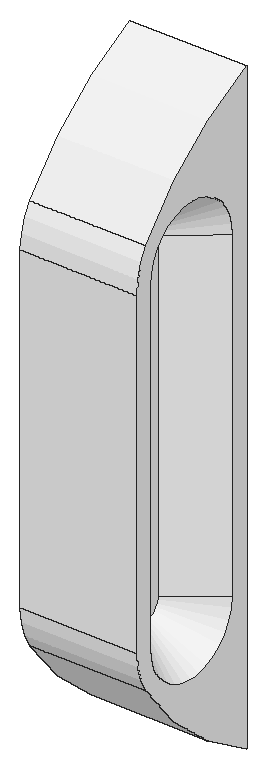
Revit family "KingswayGroup_PllHndls_ClassicGripAnti-LigatureCabinetHandle", category Specialty Equipment, Revit 2020
Family settings
  Round Connector Dimension = Use Diameter
  Part Type = Normal
  Work Plane-Based = No
  Always vertical = Yes
  Cut with Voids When Loaded = No
  Shared = No
  Room Calculation Point = No
Parameters
  WarrantyStartDate [instance] = "1900-12-31T23:59:59"
  WarrantyGuarantorParts = "sales@kingswaygroup.co.uk"
  WarrantyGuarantorLabor = "n/a"
  WarrantyDurationUnit = "year"  # constant formula
  WarrantyDurationParts = "5"  # constant formula
  WarrantyDurationLabor = "n/a"
  WarrantyDescription = "5-Year Guarantee *For faulty manufacture and not for damage"  # constant formula
  Version = "1"
  Uniclass2015Version = "Products v1.36"
  Uniclass2015Title = "Pull handles"
  Uniclass2015Code = "Pr_30_36_59_64"
  URL = "https://kingswaygroupglobal.com/"
  TagNumber [instance] = "n/a"
  SustainabilityPerformance = "n/a"
  Size = "19 x 100 x 23 mm"
  Shape = "n/a"
  SerialNumber [instance] = "n/a"
  Revision = "n/a"
  ReplacementCost = "n/a"
  ProductInformation = "https://kingswaygroupglobal.com/product/anti-ligature-classic-grip-cabinet-pull-handle?noredirect=true"
  NominalWidth = 23.00 mm  # constant formula
  NominalLength = 19.00 mm  # constant formula
  NominalHeight = 100.00 mm  # constant formula
  Name = "PullHandles_ClassicGripAnti-LigatureCabinetHandle_KG62_KingswayGroup"
  ModelReference = "Classic Grip Anti-Ligature Cabinet Handle"
  ModelNumber = "KG62"
  Model = ModelNumber  # "KG62"
  Material = "For full range of available material, contact Kingsway Group"
  ManufacturerURL = "https://kingswaygroupglobal.com/"
  ManufacturerName = "Kingsway Group"  # constant formula
  Manufacturer = ManufacturerName  # "Kingsway Group"
  InstallationDate [instance] = "1900-12-31T23:59:59"
  IfcExportType = "USERDEFINED"  # constant formula
  IfcExportAs = "IfcDiscreteAccessoryType"  # constant formula
  Grade = "n/a"
  Finish = "For full range of available finishes and colours, contact Kingsway Group"
  Features = "A micro version of the KG61, the Classic Grip Cabinet Pull Handle is a solid, durable and compact anti-ligature handle solution for cabinets and wardrobes within service user areas. Designed to reduce risk, the bolt-fixed cabinet handle offers excellent grip and infection control and is secured using two countersunk security bolts."
  ExpectedLife = "n/a"
  DurationUnit = "year"
  HandleMaterial [instance] = NBS_Concept
  Description = "Classic Grip Cabinet Pull"
  Default Elevation = 0.00 mm
  Constituents = "n/a"
  Color = "For full range of available finishes and colours, contact Kingsway Group"
  CodePerformance = "n/a"
  Category = "Pr_30_36_59_64:Pull handles"
  BarCode [instance] = "n/a"
  BIMObjectName = "KingswayGroup_PullHandles_ClassicGripAnti-LigatureCabinetHandle"
  Author = "Kingsway Group"  # constant formula
  AssetType = "Fixed"
  AssetIdentifier [instance] = "n/a"
  AccessibilityPerformance = "n/a"
Reference planes
  plane 1 "Center (Front/Back)": y = 0
  plane 2: z = 0
  plane 3 "Center (Left/Right)": x = 0
Forms (mm)
  Extrusion 1, solid, material "NBS_Concept" <- "HandleMaterial"
    sketch origin (-9.5, 4192.823, -1296.314) x (0, 1, 0) y (0, 0, 1)
      loop
        arc (-4192.823, 1396.314) -> (-4204.249, 1388.998) -> (-4213.347, 1378.933) r 51.087
        arc (-4213.347, 1378.933) -> (-4214.817, 1375.898) -> (-4215.323, 1372.564) r 11.251
        line (-4215.323, 1372.564) -> (-4215.323, 1320.064)
        arc (-4215.323, 1320.064) -> (-4214.817, 1316.73) -> (-4213.347, 1313.696) r 11.25
        arc (-4213.347, 1313.696) -> (-4204.249, 1303.63) -> (-4192.823, 1296.314) r 51.092
        line (-4192.823, 1296.314) -> (-4192.823, 1396.314)
    from 0 to 19
  Blend 2, void
    base sketch origin (-9.5, 4192.823, -1296.314) x (0, 1, 0) y (0, 0, 1)
      loop
        arc (-4195.598, 1372.814) -> (-4204.098, 1381.314) -> (-4212.598, 1372.814) r 8.5
        line (-4212.598, 1372.814) -> (-4212.598, 1319.814)
        arc (-4212.598, 1319.814) -> (-4204.098, 1311.314) -> (-4195.598, 1319.814) r 8.5
        line (-4195.598, 1319.814) -> (-4195.598, 1372.814)
    top sketch origin (-9.5, 4192.823, -1296.314) x (0, 1, 0) y (0, 0, 1)
      loop
        line (-4201.598, 1319.814) -> (-4201.598, 1372.814)
        arc (-4201.598, 1372.814) -> (-4204.098, 1375.314) -> (-4206.598, 1372.814) r 2.5
        line (-4206.598, 1372.814) -> (-4206.598, 1319.814)
        arc (-4206.598, 1319.814) -> (-4204.098, 1317.314) -> (-4201.598, 1319.814) r 2.5
    from 0 to 7.5
  Blend 3, void
    base sketch origin (9.5, 4192.823, -1296.314) x (0, 1, 0) y (0, 0, -1)
      loop
        line (-4195.598, -1372.814) -> (-4195.598, -1319.814)
        arc (-4195.598, -1319.814) -> (-4204.098, -1311.314) -> (-4212.598, -1319.814) r 8.5
        line (-4212.598, -1319.814) -> (-4212.598, -1372.814)
        arc (-4212.598, -1372.814) -> (-4204.098, -1381.314) -> (-4195.598, -1372.814) r 8.5
    top sketch origin (9.5, 4192.823, -1296.314) x (0, 1, 0) y (0, 0, -1)
      loop
        arc (-4201.598, -1319.814) -> (-4204.098, -1317.314) -> (-4206.598, -1319.814) r 2.5
        line (-4206.598, -1319.814) -> (-4206.598, -1372.814)
        arc (-4206.598, -1372.814) -> (-4204.098, -1375.314) -> (-4201.598, -1372.814) r 2.5
        line (-4201.598, -1372.814) -> (-4201.598, -1319.814)
    from 0 to 7.5
Cuts and joins
  Blend 2, Blend 3 cuts Extrusion 1
Dimensions and locks
  aligned and locked: level to plane 2
